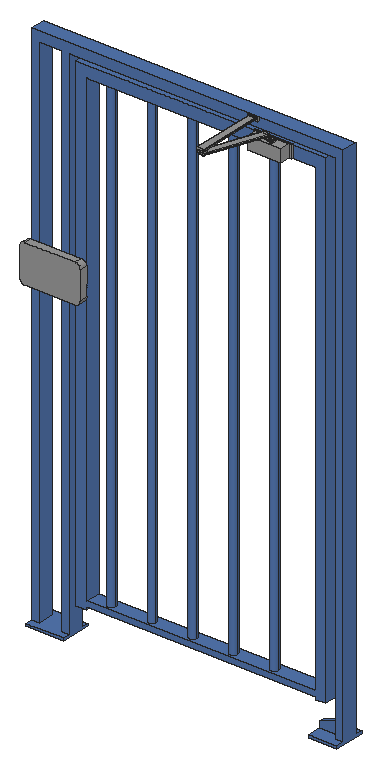
Revit family "Калитка WHD-16", category Обобщенные модели, Revit 2019
Family settings
  Может служить основой для арматурных стержней = Нет
  Размер круглого соединителя = Использовать диаметр
  Тип детали = Нормальный
  На основе рабочей плоскости = Нет
  Всегда вертикально = Да
  При загрузке вырезать с полостями = Нет
  Общий = Нет
  Точка расчета площади = Нет
Parameters
  Ширина зоны прохода = "960 мм"
  Температура использования = "от -30°C до +50°C"
  Степень защиты оболочки = "IP54"
  Пропускная способность = "12 чел./мин"
  Подключение к электросети = "220В"
  Ограждение снизу слева [instance] = no
  Ограждение сверху справа [instance] = no
  Ограждение сверху слева [instance] = no
  Ограждение снизу справа [instance] = no
  Габаритные размеры = "350×1224×2093 мм\r\n\r\n350×1224×2093 мм\r\n\r\n350×1224×2093 мм"
  ADSK_Ток = "3 А"
  ADSK_Номинальная мощность = "36 Вт"
  ADSK_Напряжение = "от 11,5 до 14 В постоянного или переменного"
  ADSK_Наименование краткое = "Калитка WHD-16"
  ADSK_Наименование [instance] = if(or(Ограждение сверху слева, Ограждение сверху справа, Ограждение снизу слева, Ограждение снизу справа), "Калитка полноростовая WHD-16 с угловым кроншейном", "Калитка полноростовая WHD-16")  # "Калитка полноростовая WHD-16"
  ADSK_Материал наименование = Сталь окрашенная RAL 5010
  ADSK_Масса_Текст = "70 кг"
  ADSK_Количество = 1
  ADSK_Завод-изготовитель = "PERCo"
  ADSK_Единица измерения = "компл."
  ADSK_URL страницы изделия = "https://www.perco.ru/products/kalitka-polnorostovaya-whd-16.php"
Reference planes
  plane 1 "По центру (Вперед/Назад)": y = 0
  plane 2: z = 0
  plane 3 "По центру (Влево/Вправо)": x = 0
  plane 4: x = -610
  plane 5: x = 614
  plane 6: y = 60
  plane 7: y = -60
Forms (mm)
  Extrusion 1, solid, material "Сталь окрашенная RAL 5010" <- "ADSK_Материал наименование"
    sketch origin (0, 0, 0) x (1, 0, 0) y (0, 1, 0)
      loop
        line (-610, 30) -> (-610, -30) -> (614, -30) -> (614, 30) -> (-610, 30)
    from 2053 to 2093
  Extrusion 2, solid, material "Сталь окрашенная RAL 5010" <- "ADSK_Материал наименование"
    sketch origin (0, 0, 0) x (1, 0, 0) y (0, 1, 0)
      loop
        line (-610, 30) -> (-610, -30) -> (-580, -30) -> (-580, 30) -> (-610, 30)
      loop
        line (-460, -30) -> (-460, 30) -> (-490, 30) -> (-490, -30) -> (-460, -30)
    from 10 to 2053
  Extrusion 3, solid, material "Сталь окрашенная RAL 5010" <- "ADSK_Материал наименование"
    sketch origin (0, 0, 0) x (1, 0, 0) y (0, 1, 0)
      loop
        line (-610, 0) -> (-610, -60) -> (-460, -60) -> (-460, 60) -> (-610, 60) -> (-610, 0)
    from 0 to 10
  Extrusion 4, solid, material "Сталь окрашенная RAL 5010" <- "ADSK_Материал наименование"
    sketch origin (14, 0, 0) x (-1, 0, 0) y (0, -1, 0)
      loop
        line (-600, 0) -> (-600, -60) -> (-490, -60) -> (-490, 60) -> (-600, 60) -> (-600, 0)
    from 0 to 10
  Extrusion 5, solid, material "Сталь окрашенная RAL 5010" <- "ADSK_Материал наименование"
    sketch origin (14, 0, 0) x (1, 0, 0) y (0, 1, 0)
      loop
        line (600, 30) -> (570, 30) -> (570, -30) -> (600, -30) -> (600, 30)
    from 10 to 2053
  Extrusion 6, solid, material "Сталь окрашенная RAL 5010" <- "ADSK_Материал наименование"
    sketch origin (14, 0, 0) x (1, 0, 0) y (0, 0, 1)
      loop
        line (490, 10) -> (570, 10) -> (570, 63.676) -> (490, 34.559) -> (490, 10)
    from -10 to 10
  Extrusion 7, solid, material "Сталь окрашенная RAL 5010" <- "ADSK_Материал наименование"
    sketch origin (0, 0, 0) x (1, 0, 0) y (0, 0, 1)
      loop
        line (-435, 2040) -> (-435, 121) -> (-395, 121) -> (-395, 2040) -> (-435, 2040)
      loop
        line (545, 2040) -> (505, 2040) -> (505, 121) -> (545, 121) -> (545, 2040)
    from -30 to 30
  Extrusion 8, solid, material "Сталь окрашенная RAL 5010" <- "ADSK_Материал наименование"
    sketch origin (0, 0, 0) x (1, 0, 0) y (0, 1, 0)
      loop
        line (-435, 30) -> (-435, -30) -> (545, -30) -> (545, 30) -> (-435, 30)
    from 131 to 151
  Extrusion 9, solid, material "Сталь окрашенная RAL 5010" <- "ADSK_Материал наименование"
    sketch origin (0, 0, 0) x (1, 0, 0) y (0, 1, 0)
      loop
        line (-435, 30) -> (-435, -30) -> (545, -30) -> (545, 30) -> (-435, 30)
    from 1993.607 to 2040
  Extrusion 10, solid, material "Сталь окрашенная RAL 5010" <- "ADSK_Материал наименование"
    sketch origin (0, 0, 0) x (1, 0, 0) y (0, 1, 0)
      loop
        circle (0, 0) r 15
      loop
        circle (-160, 0) r 15
      loop
        circle (-320, 0) r 15
      loop
        circle (160, 0) r 15
      loop
        circle (320, 0) r 15
    from 151 to 1993.607
  Extrusion 11, solid, material "Ламинат — черный"
    sketch origin (0, 0, 0) x (1, 0, 0) y (0, 0, 1)
      loop
        arc (-415, 1200) -> (-400.858, 1205.858) -> (-395, 1220) r 20
        line (-395, 1220) -> (-395, 1330)
        arc (-395, 1330) -> (-400.858, 1344.142) -> (-415, 1350) r 20
        line (-415, 1350) -> (-612, 1350)
        arc (-612, 1350) -> (-626.142, 1344.142) -> (-632, 1330) r 20
        line (-632, 1330) -> (-632, 1220)
        arc (-632, 1220) -> (-626.142, 1205.858) -> (-612, 1200) r 20
        line (-612, 1200) -> (-415, 1200)
    from 30 to 60
  Extrusion 12, solid, material "Ламинат — черный"
    sketch origin (-0.367, 0, -36.393) x (1, 0, 0) y (0, 0, 1)
      loop
        line (315, 2030) -> (365, 2030) -> (415, 2030) -> (415, 2080) -> (265, 2080) -> (265, 2030) -> (315, 2030)
    from 35 to 30
  Extrusion 13, solid, material "Ламинат — черный"
    sketch origin (-0.367, 0, -36.393) x (1, 0, 0) y (0, 0, 1)
      loop
        line (275, 2080) -> (275, 2030) -> (405, 2030) -> (405, 2080) -> (275, 2080)
    from 35 to 75
  Sweep 14, solid, material "Ламинат — черный"
    path origin (339.633, -75, 2963.607) x (0.34202, 0.939693, 0) y (0, 0, 1)
      loop
        line (32.996, -917) -> (17.996, -917)
        arc (17.996, -917) -> (14.46, -915.536) -> (12.996, -912) r 5
        line (12.996, -912) -> (12.996, -902)
        arc (12.996, -902) -> (10.067, -894.929) -> (2.996, -892) r 10
        line (2.996, -892) -> (-228.798, -892)
    profile origin (301.018, -181.093, 2071.607) x (0, 0, -1) y (0.939693, -0.34202, 0)
      loop
        arc (-3, -13) -> (-2.414, -14.414) -> (-1, -15) r 2
        line (-1, -15) -> (1, -15)
        arc (1, -15) -> (2.414, -14.414) -> (3, -13) r 2
        line (3, -13) -> (3, 13)
        arc (3, 13) -> (2.414, 14.414) -> (1, 15) r 2
        line (1, 15) -> (-1, 15)
        arc (-1, 15) -> (-2.414, 14.414) -> (-3, 13) r 2
        line (-3, 13) -> (-3, -13)
  Extrusion 15, solid, material "Ламинат — черный"
    sketch origin (2.105, 0, -45.5) x (1, 0, 0) y (0, 0, 1)
      loop
        line (239.274, 2131) -> (239.274, 2123.5) -> (279.274, 2123.5) -> (279.274, 2138.5) -> (239.274, 2138.5) -> (239.274, 2131)
    from 30 to 35
  Extrusion 16, solid, material "Ламинат — черный"
    sketch origin (2.105, 0, -45.5) x (1, 0, 0) y (0, 0, 1)
      loop
        spline (245.178, 2130) -> (245.194, 2129.739) -> (245.242, 2129.482) -> (245.321, 2129.235) -> (245.43, 2129) -> (245.567, 2128.782) -> (245.729, 2128.586) -> (245.914, 2128.413) -> (246.118, 2128.268) -> (246.339, 2128.152) -> (246.571, 2128.068) -> (246.812, 2128.017) -> (247.058, 2128)
        line (247.058, 2128) -> (271.49, 2128)
        spline (271.49, 2128) -> (271.735, 2128.017) -> (271.976, 2128.068) -> (272.209, 2128.152) -> (272.429, 2128.268) -> (272.634, 2128.413) -> (272.819, 2128.586) -> (272.981, 2128.782) -> (273.117, 2129) -> (273.226, 2129.235) -> (273.305, 2129.482) -> (273.353, 2129.739) -> (273.369, 2130)
        line (273.369, 2130) -> (273.369, 2132)
        spline (273.369, 2132) -> (273.353, 2132.261) -> (273.305, 2132.518) -> (273.226, 2132.765) -> (273.117, 2133) -> (272.981, 2133.218) -> (272.819, 2133.414) -> (272.634, 2133.587) -> (272.429, 2133.732) -> (272.209, 2133.848) -> (271.976, 2133.932) -> (271.735, 2133.983) -> (271.49, 2134)
        line (271.49, 2134) -> (247.058, 2134)
        spline (247.058, 2134) -> (246.812, 2133.983) -> (246.571, 2133.932) -> (246.339, 2133.848) -> (246.118, 2133.732) -> (245.914, 2133.587) -> (245.729, 2133.414) -> (245.567, 2133.218) -> (245.43, 2133) -> (245.321, 2132.765) -> (245.242, 2132.518) -> (245.194, 2132.261) -> (245.178, 2132)
        line (245.178, 2132) -> (245.178, 2130)
    from 30 to 290
  Extrusion 17, solid, material "Ламинат — черный"
    sketch origin (49.257, 20.503, -36.393) x (1, 0, 0) y (0, 1, 0)
      loop
        circle (215.213, -300.993) r 10
    from 2111 to 2118.893
Cuts and joins
  joined: Extrusion 1, Extrusion 2, Extrusion 3, Extrusion 4, Extrusion 5, Extrusion 6, Extrusion 7, Extrusion 8, Extrusion 9, Extrusion 10
Dimensions and locks
  Extrusion 1 to Extrusion 4 = 1224 mm
  Extrusion 4 to Extrusion 16 = 350 mm
  aligned and locked: level to plane 2
Nested families
  nested 1: "Ограждение MB-16" at (674, 560, 0) x (0, 1, 0) z (0, 0, 1), visible <- "Ограждение сверху справа", type "Ограждение MB-16"
  nested 2: "Ограждение MB-16" at (674, -560, 0) x (0, -1, 0) z (0, 0, 1), visible <- "Ограждение снизу справа", type "Ограждение MB-16"
  nested 3: "Ограждение MB-16" at (-670, 560, 0) x (0, 1, 0) z (0, 0, 1), visible <- "Ограждение сверху слева", type "Ограждение MB-16"
  nested 4: "Ограждение MB-16" at (-670, -530, 0) x (0, -1, 0) z (0, 0, 1), visible <- "Ограждение снизу слева", type "Ограждение MB-16"
Definition of nested family "Ограждение MB-16"
  Parameters (values of type "Ограждение MB-16")
    Температура использования = "от -40°C до +55°C"
    Габаритные размеры = "1000х120х2093"
    ADSK_Наименование краткое = "Ограждение MB-16"
    ADSK_Наименование = "Полноростовое ограждение MB-16"
    ADSK_Материал наименование = none
    ADSK_Масса_Текст = "31 кг"
    ADSK_Количество = 1
    ADSK_Завод-изготовитель = "PERCo"
    ADSK_Единица измерения = "компл."
    ADSK_URL страницы изделия = "https://www.perco.ru/products/polnorostovoe-ograzhdenie-mb-16.php"
  Reference planes
    plane 1 "По центру (Вперед/Назад)": y = 0
    plane 2: z = 0
    plane 3 "По центру (Влево/Вправо)": x = 0
    plane 4: y = 60
    plane 5: y = -60
    plane 6: x = 500
    plane 7: x = -500
  Forms (mm)
    Extrusion 1, solid
      sketch origin (0, 0, 0) x (1, 0, 0) y (0, 1, 0)
        loop
          line (-500, 30) -> (-500, -30) -> (500, -30) -> (500, 30) -> (-500, 30)
      from 2120 to 2150
    Extrusion 2, solid
      sketch origin (0, 0, 0) x (1, 0, 0) y (0, 1, 0)
        loop
          line (-470, 30) -> (-470, -30) -> (470, -30) -> (470, 30) -> (-470, 30)
      from 135 to 155
    Extrusion 3, solid
      sketch origin (0, 0, 0) x (1, 0, 0) y (0, 1, 0)
        loop
          line (-500, 30) -> (-500, -30) -> (-470, -30) -> (-470, 30) -> (-500, 30)
        loop
          line (500, 30) -> (470, 30) -> (470, -30) -> (500, -30) -> (500, 30)
      from 10 to 2120
    Extrusion 4, solid
      sketch origin (0, 0, 0) x (1, 0, 0) y (0, 1, 0)
        loop
          line (-500, 0) -> (-500, -60) -> (-401.006, -60) -> (-380, -30) -> (-380, 30) -> (-401.006, 60) -> (-500, 60) -> (-500, 0)
        loop
          line (500, 0) -> (500, 60) -> (401.006, 60) -> (380, 30) -> (380, -30) -> (401.006, -60) -> (500, -60) -> (500, 0)
      from 0 to 10
    Extrusion 5, solid
      sketch origin (-90, 0, 0) x (1, 0, 0) y (0, 0, 1)
        loop
          line (-290, 10) -> (-290, 20) -> (-380, 71.962) -> (-380, 10) -> (-290, 10)
      from -30 to -20
    Extrusion 6, solid
      sketch origin (-90, 0, 0) x (1, 0, 0) y (0, 0, 1)
        loop
          line (-290, 10) -> (-290, 20) -> (-380, 71.962) -> (-380, 10) -> (-290, 10)
      from 30 to 20
    Extrusion 7, solid
      sketch origin (90, 0, 0) x (-1, 0, 0) y (0, 0, -1)
        loop
          line (-290, -10) -> (-380, -10) -> (-380, -71.962) -> (-290, -20) -> (-290, -10)
      from -30 to -20
    Extrusion 8, solid
      sketch origin (90, 0, 0) x (-1, 0, 0) y (0, 0, -1)
        loop
          line (-290, -10) -> (-380, -10) -> (-380, -71.962) -> (-290, -20) -> (-290, -10)
      from 30 to 20
    Extrusion 9, solid
      sketch origin (0, 0, 0) x (1, 0, 0) y (0, 1, 0)
        loop
          circle (0, 0) r 15
        loop
          circle (-152.5, 0) r 15
        loop
          circle (-305, 0) r 15
        loop
          circle (152.5, 0) r 15
        loop
          circle (305, 0) r 15
      from 155 to 2120
  Cuts and joins
    joined: Extrusion 1, Extrusion 2, Extrusion 3, Extrusion 4, Extrusion 5, Extrusion 6, Extrusion 7, Extrusion 8, Extrusion 9
  Dimensions and locks
    cut or joined group 1 (Extrusion 1, Extrusion 2, Extrusion 3, Extrusion 4, Extrusion 5, Extrusion 6, Extrusion 7, Extrusion 8, Extrusion 9) to cut or joined group 1 = 1000 mm
    aligned and locked: level to plane 2
